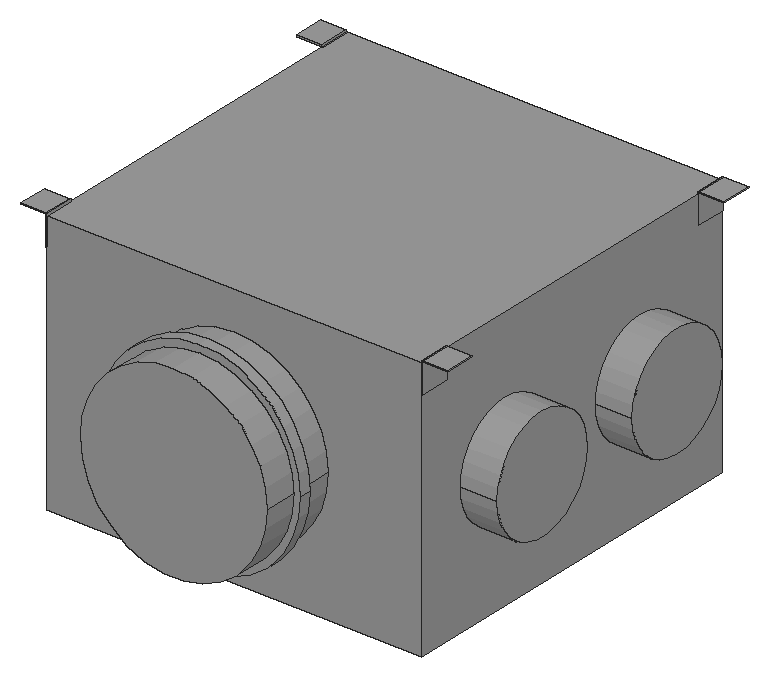
Revit family "FASU(F5-150 250Φ)", category ダクト付属品, Revit 2021
Family settings
  丸型コネクタ寸法 = 直径を使用
  パーツ タイプ = ダンパー
  OmniClass 番号 = 23.75.00.00
  OmniClass タイトル = Climate Control (HVAC)
  作業面ベース = いいえ
  常に垂直 = はい
  ロード時にボイドで切り取り = いいえ
  共有 = いいえ
Parameters
  高さ = 350 mm
  風量 [instance] = 0.0 L/s
  符号 = "FASU"
  形式 = "F5-150 250φ"
  幅 [instance] = 500 mm
  奥行き = 500 mm
  大きさ = 250 mm
  呼称 = "FASUチャンバー"
  付属品_下端レベル [instance] = 0 mm
  マテリアル [instance] = 既定値
  ダクト_イン = 250 mm
  ダクト_アウト = 150 mm
  既定の高さ = 0 mm
Reference planes
  plane 1 "中心(正面/背面)": y = 0
  plane 2: z = 0
  plane 3 "中心(左/右)": x = 0
  plane 4: x = -250
  plane 5: x = 250
  plane 6: y = -500
  plane 7: z = 350
  plane 8: z = 175
  plane 9: z = 266.963
  plane 10: z = 86.159
  plane 11: x = -125
  plane 12: x = 125
  plane 13: x = -135
  plane 14: x = 135
  plane 15: x = -251
  plane 16: z = 313.122
  plane 17: z = 352.122
  plane 18: y = -250
Forms (mm)
  Extrusion 1, solid, material "既定値" <- "マテリアル"
    sketch origin (0, 0, 0) x (1, 0, 0) y (0, 1, 0)
      loop
        line (-250, 0) -> (-250, -500) -> (250, -500) -> (250, 0) -> (-250, 0)
    from 0 to 350
  Extrusion 2, solid, material "既定値" <- "マテリアル"
    sketch origin (0, -30, 0) x (1, 0, 0) y (0, 0, 1)
      loop
        circle (0, 175) r 125
    from 470 to 512.5
  Extrusion 3, solid, material "既定値" <- "マテリアル"
    sketch origin (0, -30, 0) x (1, 0, 0) y (0, 0, 1)
      loop
        circle (0, 175) r 135
    from 512.5 to 527.5
  Extrusion 4, solid, material "既定値" <- "マテリアル"
    sketch origin (0, -117.5, 0) x (1, 0, 0) y (0, 0, 1)
      loop
        circle (0, 175) r 125
    from 440 to 482.5
  Extrusion 5, solid, material "既定値" <- "マテリアル"
    sketch origin (0, -30, 0) x (0, 1, 0) y (0, 0, 1)
      loop
        circle (-332.5, 175) r 74.985
    from -300 to -250
  Extrusion 6, solid, material "既定値" <- "マテリアル"
    sketch origin (550, -30, 0) x (0, 1, 0) y (0, 0, 1)
      loop
        circle (-332.5, 175) r 74.985
    from -300 to -250
  Extrusion 7, solid, material "既定値" <- "マテリアル"
    sketch origin (0, -30, 0) x (1, 0, 0) y (0, 1, 0)
      loop
        line (-250, 30) -> (-251, 30) -> (-251, -10) -> (-250, -10) -> (-250, 30)
    from 313.122 to 350
  Extrusion 8, solid, material "既定値" <- "マテリアル"
    sketch origin (0, -30, 0) x (1, 0, 0) y (0, 1, 0)
      loop
        line (-285, 30) -> (-285, -10) -> (-251, -10) -> (-251, 30) -> (-285, 30)
    from 352.122 to 350
  Extrusion 9, solid, material "既定値" <- "マテリアル"
    sketch origin (0, -30, 0) x (-1, 0, 0) y (0, -1, 0)
      loop
        line (-250, -30) -> (-250, 10) -> (-251, 10) -> (-251, -30) -> (-250, -30)
    from 313.122 to 353.122
  Extrusion 10, solid, material "既定値" <- "マテリアル"
    sketch origin (0, -30, 0) x (-1, 0, 0) y (0, -1, 0)
      loop
        line (-285, -30) -> (-251, -30) -> (-251, 10) -> (-285, 10) -> (-285, -30)
    from 352.122 to 353.122
  Extrusion 11, solid, material "既定値" <- "マテリアル"
    sketch origin (0, -490, 0) x (1, 0, 0) y (0, 1, 0)
      loop
        line (-285, 30) -> (-285, -10) -> (-251, -10) -> (-251, 30) -> (-285, 30)
    from 352.122 to 353.122
  Extrusion 12, solid, material "既定値" <- "マテリアル"
    sketch origin (0, -490, 0) x (1, 0, 0) y (0, 1, 0)
      loop
        line (-250, 30) -> (-251, 30) -> (-251, -10) -> (-250, -10) -> (-250, 30)
    from 313.122 to 353.122
  Extrusion 13, solid, material "既定値" <- "マテリアル"
    sketch origin (0, -490, 0) x (-1, 0, 0) y (0, -1, 0)
      loop
        line (-285, -30) -> (-251, -30) -> (-251, 10) -> (-285, 10) -> (-285, -30)
    from 352.122 to 353.122
  Extrusion 14, solid, material "既定値" <- "マテリアル"
    sketch origin (0, -490, 0) x (-1, 0, 0) y (0, -1, 0)
      loop
        line (-250, -30) -> (-250, 10) -> (-251, 10) -> (-251, -30) -> (-250, -30)
    from 313.122 to 353.122
  Extrusion 15, solid, material "既定値" <- "マテリアル"
    sketch origin (-332.5, 300, 0) x (-1, 0, 0) y (0, 0, 1)
      loop
        circle (-332.5, 175) r 74.985
    from -300 to -250
  Extrusion 16, solid, material "既定値" <- "マテリアル"
    sketch origin (550, -470, 0) x (0, -1, 0) y (0, 0, -1)
      loop
        circle (-332.5, -175) r 74.985
    from -300 to -250
  Extrusion 17, solid, material "既定値" <- "マテリアル"
    sketch origin (-550, -470, 0) x (0, -1, 0) y (0, 0, 1)
      loop
        circle (-332.5, 175) r 74.985
    from -300 to -250
Lines and regions (mm)
  model lines
    curve 1: line (-250, -30, 0) -> (250, -30, 0)
    curve 2: line (-250, -470, 0) -> (250, -470, 0)
Text (mm)
  text "FASU(F5-150 250Φ)" at (120.822, -450.782, 0), in view "参照レベル"
Dimensions and locks
  equal spacing: plane 4, plane 3 "中心(左/右)", plane 5
  "幅": plane 4 to plane 5
  "奥行き": plane 6 to plane 1 "中心(正面/背面)"
  "高さ": plane 7 to level
  equal spacing: plane 7, plane 8, level
  equal spacing: plane 6, plane 18, plane 1 "中心(正面/背面)"
  aligned and locked: level to plane 2
  aligned and locked: Extrusion 1 sketch curve to plane 5
  aligned and locked: plane 7 to Extrusion 1
  aligned and locked: plane 4 to Extrusion 5
  aligned and locked: Extrusion 6 to plane 5
  aligned and locked: Extrusion 7 sketch curve to Extrusion 1
  aligned and locked: plane 7 to Extrusion 7
  aligned and locked: Extrusion 8 sketch curve to Extrusion 7
  aligned and locked: Extrusion 7 to Extrusion 8 sketch curve
  aligned and locked: plane 7 to Extrusion 8
  aligned and locked: Extrusion 8 to plane 17
  aligned and locked: Extrusion 9 to Extrusion 10 sketch curve
  aligned and locked: Extrusion 10 sketch curve to Extrusion 9
  aligned and locked: Extrusion 3 to Extrusion 4
  aligned and locked: Extrusion 3 to Extrusion 2
  aligned and locked: Extrusion 1 to Extrusion 13
  aligned and locked: Extrusion 11 to Extrusion 1
  aligned and locked: Extrusion 12 to Extrusion 1
  aligned and locked: Extrusion 1 to Extrusion 14
  aligned and locked: Extrusion 14 to Extrusion 13
  aligned and locked: Extrusion 12 to Extrusion 11
  aligned and locked: plane 4 to Extrusion 12
  aligned and locked: Extrusion 14 to plane 5
  aligned and locked: plane 4 to curve 1
  aligned and locked: plane 5 to curve 1
  aligned and locked: plane 5 to curve 2
  aligned and locked: plane 4 to curve 2
  aligned and locked: Extrusion 1 to Extrusion 8
  aligned and locked: Extrusion 10 to Extrusion 1
  aligned and locked: Extrusion 9 to plane 5
  aligned and locked: Extrusion 15 to Extrusion 1
  aligned and locked: Extrusion 1 to plane 6
  aligned and locked: Extrusion 1 to plane 1 "中心(正面/背面)"
  aligned and locked: plane 6 to Extrusion 2
  aligned and locked: Extrusion 16 to plane 5
  aligned and locked: plane 4 to Extrusion 17
Automatic sketch dimensions
  plane 6 to curve 2 = 30 mm
  plane 1 "中心(正面/背面)" to curve 1 = 30 mm
  Extrusion 1 sketch curve to plane 4 = 0 mm
  Extrusion 1 sketch curve to plane 6 = 0 mm
  plane 1 "中心(正面/背面)" to Extrusion 1 sketch curve = 0 mm
  Extrusion 2 sketch curve to plane 3 "中心(左/右)" = 0 mm
  Extrusion 2 sketch curve to plane 8 = 0 mm
  Extrusion 3 sketch curve to plane 3 "中心(左/右)" = 0 mm
  Extrusion 3 sketch curve to plane 8 = 0 mm
  Extrusion 4 sketch curve to plane 3 "中心(左/右)" = 0 mm
  Extrusion 4 sketch curve to plane 8 = 0 mm
  Extrusion 5 sketch curve to plane 8 = 0 mm
  Extrusion 6 sketch curve to plane 8 = 0 mm
  plane 1 "中心(正面/背面)" to Extrusion 7 sketch curve = 0 mm
  Extrusion 7 sketch curve to plane 15 = 0 mm
  Extrusion 7 sketch curve to Extrusion 7 sketch curve = 40 mm
  plane 1 "中心(正面/背面)" to Extrusion 8 sketch curve = 0 mm
  Extrusion 8 sketch curve to Extrusion 8 sketch curve = 34 mm
  plane 1 "中心(正面/背面)" to Extrusion 9 sketch curve = 0 mm
  Extrusion 9 sketch curve to plane 5 = 0 mm
  Extrusion 9 sketch curve to Extrusion 9 sketch curve = 1 mm
  Extrusion 9 sketch curve to Extrusion 9 sketch curve = 40 mm
  plane 1 "中心(正面/背面)" to Extrusion 10 sketch curve = 0 mm
  Extrusion 10 sketch curve to Extrusion 10 sketch curve = 34 mm
  Extrusion 11 sketch curve to plane 6 = 0 mm
  Extrusion 11 sketch curve to plane 15 = 0 mm
  Extrusion 11 sketch curve to Extrusion 11 sketch curve = 34 mm
  Extrusion 12 sketch curve to plane 15 = 0 mm
  Extrusion 12 sketch curve to plane 4 = 0 mm
  Extrusion 12 sketch curve to plane 6 = 0 mm
  Extrusion 13 sketch curve to plane 6 = 0 mm
  Extrusion 13 sketch curve to plane 5 = 35 mm
  Extrusion 13 sketch curve to plane 5 = 1 mm
  Extrusion 14 sketch curve to plane 6 = 0 mm
  Extrusion 14 sketch curve to plane 5 = 0 mm
  Extrusion 14 sketch curve to Extrusion 14 sketch curve = 1 mm
  Extrusion 15 sketch curve to plane 3 "中心(左/右)" = 0 mm
  Extrusion 15 sketch curve to plane 8 = 0 mm
  Extrusion 16 sketch curve to plane 8 = 0 mm
  plane 18 to Extrusion 16 sketch curve = 112.5 mm
  Extrusion 17 sketch curve to plane 8 = 0 mm
  plane 18 to Extrusion 17 sketch curve = 112.5 mm
  Extrusion 5 sketch curve to plane 18 = 112.5 mm
  Extrusion 6 sketch curve to plane 18 = 112.5 mm
  plane 6 to Extrusion 11 sketch curve = 40 mm
  plane 6 to Extrusion 12 sketch curve = 40 mm
  Extrusion 13 sketch curve to plane 6 = 40 mm
  Extrusion 14 sketch curve to plane 6 = 40 mm
  radius of Extrusion 2 sketch curve = 125 mm
  radius of Extrusion 3 sketch curve = 135 mm
  radius of Extrusion 4 sketch curve = 125 mm
  radius of Extrusion 5 sketch curve = 74.985 mm
  radius of Extrusion 6 sketch curve = 74.985 mm
  radius of Extrusion 15 sketch curve = 74.985 mm
  radius of Extrusion 16 sketch curve = 74.985 mm
  radius of Extrusion 17 sketch curve = 74.985 mm
Connectors
  hvac at (300, -362.5, 175), driven by "ダクト_アウト"
    settings: on Extrusion 6, index 11, duct flow 0.0 L/s, flow factor 0, pres drop 0.0 Pa, loss coef 0, conn angle 0.00°, conn width 304.8 mm, conn height 304.8 mm, conn diameter 150 mm, duct sys type 29, conn prof type 0, flow config 0, flow direction 2, loss method 0, conn ref index -1, conn util no, is conn primary yes, conn desc ""
  hvac at (-300, -362.5, 175), driven by "ダクト_アウト"
    settings: on Extrusion 5, index 12, duct flow 0.0 L/s, flow factor 0, pres drop 0.0 Pa, loss coef 0, conn angle 0.00°, conn width 304.8 mm, conn height 304.8 mm, conn diameter 150 mm, duct sys type 29, conn prof type 0, flow config 0, flow direction 2, loss method 0, conn ref index -1, conn util no, is conn primary no, conn desc ""
  hvac at (-300, -137.5, 175), driven by "ダクト_アウト"
    settings: on Extrusion 17, index 13, duct flow 0.0 L/s, flow factor 0, pres drop 0.0 Pa, loss coef 0, conn angle 0.00°, conn width 304.8 mm, conn height 304.8 mm, conn diameter 150 mm, duct sys type 29, conn prof type 0, flow config 0, flow direction 2, loss method 0, conn ref index -1, conn util no, is conn primary no, conn desc ""
  hvac at (0, 50, 175), driven by "ダクト_アウト"
    settings: on Extrusion 15, index 14, duct flow 0.0 L/s, flow factor 0, pres drop 0.0 Pa, loss coef 0, conn angle 0.00°, conn width 304.8 mm, conn height 304.8 mm, conn diameter 150 mm, duct sys type 29, conn prof type 0, flow config 0, flow direction 0, loss method 0, conn ref index -1, conn util no, is conn primary no, conn desc ""
  hvac at (300, -137.5, 175), driven by "ダクト_アウト"
    settings: on Extrusion 16, index 15, duct flow 0.0 L/s, flow factor 0, pres drop 0.0 Pa, loss coef 0, conn angle 0.00°, conn width 304.8 mm, conn height 304.8 mm, conn diameter 150 mm, duct sys type 29, conn prof type 0, flow config 0, flow direction 2, loss method 0, conn ref index -1, conn util no, is conn primary no, conn desc ""
  hvac at (0, -600, 175), driven by "ダクト_イン"
    settings: on Extrusion 4, index 16, duct flow 0.0 L/s, flow factor 0, pres drop 0.0 Pa, loss coef 0, conn angle 0.00°, conn width 304.8 mm, conn height 304.8 mm, conn diameter 250 mm, duct sys type 1, conn prof type 0, flow config 0, flow direction 1, loss method 0, conn ref index -1, conn util no, is conn primary no, conn desc ""
